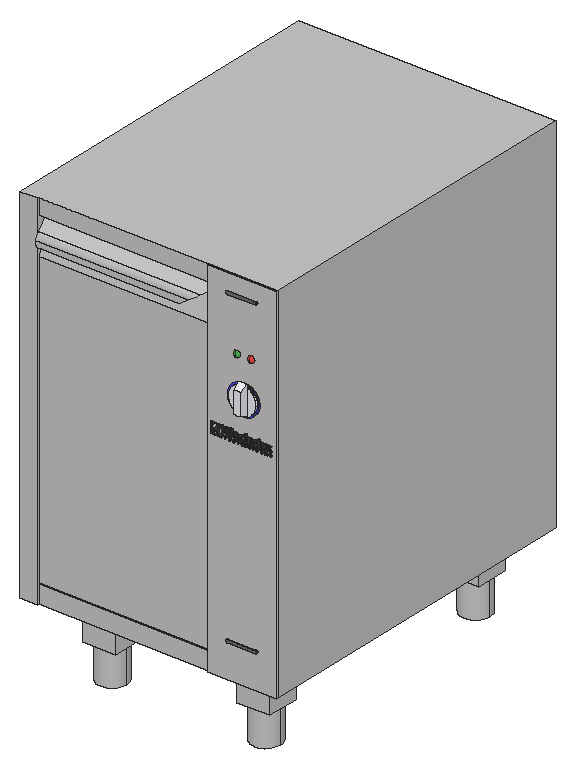
Revit family "QF_ELECTROLUXPROFESSIONAL_121830_TERPE5", category Attrezzature speciali, Revit 2020
Family settings
  Quota connettore circolare = Usa diametro
  Tipo di parte = Normale
  Basato su piano di lavoro = No
  Sempre verticale = Sì
  Taglio con vuoti quando caricato = No
  Condiviso = No
  Punto di calcolo locali = No
Parameters (values of type "Standard")
  Weight = 9.00 kg
  Watts = 1400 W
  Volts = 230 V
  URL Manufacturer = "https://www.electroluxprofessional.com/"
  URL = "https://www.electroluxprofessional.com/"
  Steam Supply Size = 0 mm
  Steam Supply Minimum Pressure = 0.0 Pa
  Steam Supply Maximum Pressure = 0.0 Pa
  Steam Consumption per Hour = 0
  Refrigeration Suction Line Size = 0.0 mm
  Refrigeration Liquid Line Size = 0.0 mm
  Refrigerant Compressor Remote = yes
  Prospetto di default = 0.0 mm
  Phase = 1
  Modello = "TERPE5"
  Produttore = "Electrolux Professional"
  Length Actual = 500.0 mm  # constant formula
  Item Number = "121830"
  Hot Water Size = 0 mm
  Height Actual = 860.0 mm  # constant formula
  HP = "1.9 HP"
  Gas Size = 0 mm
  Gas KW = 0
  Gas Input Pressure = 0 W
  Direct Waste Size = 0 mm
  Descrizione = "HOT CUPBOARD WITH 1 HINGED DOOR 500MM"
  Depth Actual = 680.0 mm  # constant formula
  Cycle = 50 Hz
  Condensate Return Size = 0 mm
  Compressed Air Volume = 0.0 L/s
  Compressed Air Size = 0 mm
  Compressed Air Pressure = 0.0 Pa
  Cold Water Size = 0 mm
  Accessory = yes
Reference planes
  plane 1 "Center (Front/Back)": y = 0
  plane 2: z = 0
  plane 3 "Center (Left/Right)": x = -300
  plane 4 "LEFT": x = -550
  plane 5 "RIGHT": x = -50
  plane 6 "BACK": y = 340
  plane 7 "FRONT": y = -340
  plane 8 "Base": z = 860
  plane 9 "TOP": z = 900
  plane 10: x = -450
  plane 11: x = -150
  plane 12: y = 270
  plane 13: y = -240
  plane 14 "FEET": z = 150
  plane 15: x = 152.5
  plane 16: x = -516
  plane 17: y = -337
  plane 18: y = 310
  plane 19: x = -184
Forms (mm)
  Extrusion 1, solid, material "QF_Finishes_Stainless Steel"
    sketch origin (0, 0, 150) x (-1, 0, 0) y (0, -1, 0)
      loop
        line (550, -340) -> (550, 340) -> (516, 340) -> (516, -340) -> (550, -340)
      loop
        line (184, -340) -> (184, 337) -> (50, 337) -> (50, -340) -> (184, -340)
    from 0 to 710
  Extrusion 2, solid, material "QF_Finishes_Stainless Steel"
    sketch origin (0, 0, 150) x (-1, 0, 0) y (0, -1, 0)
      loop
        line (516, -310) -> (516, 337) -> (184, 337) -> (184, -310) -> (516, -310)
    from 0 to 35
  Extrusion 3, solid, material "QF_Finishes_Stainless Steel"
    sketch origin (0, 0, 0) x (1, 0, 0) y (0, 1, 0)
      loop
        line (-516, -337) -> (-184, -337) -> (-184, 340) -> (-516, 340) -> (-516, -337)
    from 830 to 860
  Extrusion 4, solid, material "QF_Finishes_Stainless Steel"
    sketch origin (0, 0, 150) x (-1, 0, 0) y (0, -1, 0)
      loop
        line (516, -340) -> (516, -310) -> (184, -310) -> (184, -340) -> (516, -340)
    from 680 to 0
Cuts and joins
  joined: Extrusion 1, Extrusion 3, Extrusion 4
Lines and regions (mm)
  symbolic lines, style "SpecialityEquipmentHiddenLines"
    curve 1: line (-50, 340, 900) -> (-550, 340, 900)
    curve 2: line (-50, -340, 900) -> (-50, 340, 900)
    curve 3: line (-550, -344.5, 150) -> (-550, 340, 150)
    curve 4: line (-550, -340, 150) -> (-516, -340, 150)
    curve 5: line (-516, -340, 150) -> (-516, -337, 150)
    curve 6: line (-516, -337, 150) -> (-184, -337, 150)
    curve 7: line (-184, -337, 150) -> (-184, -340, 150)
    curve 8: line (-184, -340, 150) -> (-50, -340, 150)
Dimensions and locks
  plane 4 "LEFT" to plane 5 "RIGHT" = 500.0 mm
  equal spacing: plane 4 "LEFT", plane 3 "Center (Left/Right)", plane 5 "RIGHT"
  plane 6 "BACK" to plane 7 "FRONT" = 680.0 mm
  equal spacing: plane 6 "BACK", plane 1 "Center (Front/Back)", plane 7 "FRONT"
  locked: plane 14 "FEET" to level at 150
  locked: plane 4 "LEFT" to plane 10 at 100
  locked: plane 11 to plane 5 "RIGHT" at 100
  locked: plane 4 "LEFT" to plane 16 at 34
  plane 17 to plane 7 "FRONT" = 3.0 mm
  plane 6 "BACK" to plane 18 = 30.0 mm
  locked: plane 6 "BACK" to plane 12 at 70
  locked: plane 13 to plane 7 "FRONT" at 100
  locked: plane 8 "Base" to level at 860
  locked: plane 9 "TOP" to level at 900
  plane 19 to plane 5 "RIGHT" = 134.0 mm
  aligned and locked: level to plane 2
  aligned and locked: plane 10 to nested 1
  aligned and locked: plane 11 to nested 2
  aligned and locked: nested 4 to plane 12
  aligned and locked: plane 10 to nested 3
  aligned and locked: nested 3 to plane 12
  aligned and locked: plane 8 "Base" to Extrusion 1
  aligned and locked: plane 6 "BACK" to Extrusion 1 sketch curve
  aligned and locked: Extrusion 1 sketch curve to plane 6 "BACK"
  aligned and locked: Extrusion 1 sketch curve to plane 7 "FRONT"
  aligned and locked: plane 16 to Extrusion 1
  aligned and locked: Extrusion 2 to plane 16
  aligned and locked: plane 8 "Base" to Extrusion 3
  aligned and locked: Extrusion 2 to plane 17
  aligned and locked: Extrusion 2 to plane 18
  aligned and locked: Extrusion 3 to plane 17
  aligned and locked: plane 16 to Extrusion 4 sketch curve
  aligned and locked: Extrusion 4 sketch curve to plane 6 "BACK"
  aligned and locked: Extrusion 4 sketch curve to plane 18
  aligned and locked: Extrusion 4 to Extrusion 3
  aligned and locked: Extrusion 4 to plane 14 "FEET"
  aligned and locked: plane 6 "BACK" to Extrusion 3
  aligned and locked: nested 1 to plane 13
  aligned and locked: nested 2 to plane 13
  aligned and locked: plane 19 to Extrusion 3
  aligned and locked: Extrusion 2 sketch curve to plane 19
Automatic sketch dimensions
  curve 2 to plane 5 "RIGHT" = 0.0 mm
  curve 2 to plane 7 "FRONT" = 0.0 mm
  curve 1 to plane 4 "LEFT" = 0.0 mm
  curve 1 to plane 6 "BACK" = 0.0 mm
  Extrusion 2 sketch curve to plane 16 = 0.0 mm
  plane 18 to Extrusion 2 sketch curve = 0.0 mm
  Extrusion 2 sketch curve to plane 17 = 0.0 mm
  curve 8 to plane 5 "RIGHT" = 0.0 mm
  curve 8 to plane 7 "FRONT" = 0.0 mm
  curve 6 to plane 16 = 0.0 mm
  curve 3 to plane 4 "LEFT" = 0.0 mm
  curve 3 to plane 6 "BACK" = 0.0 mm
  curve 6 to plane 17 = 0.0 mm
  curve 4 to plane 7 "FRONT" = 0.0 mm
  curve 4 to curve 3 = 4.5 mm
  Extrusion 3 sketch curve to plane 16 = 0.0 mm
  Extrusion 3 sketch curve to plane 17 = 0.0 mm
  Extrusion 3 sketch curve to plane 18 = 30.0 mm
  curve 8 to curve 8 = 134.0 mm
  Extrusion 3 sketch curve to plane 5 "RIGHT" = 134.0 mm
  Extrusion 4 sketch curve to plane 5 "RIGHT" = 134.0 mm
  Extrusion 1 sketch curve to plane 5 "RIGHT" = 0.0 mm
  Extrusion 1 sketch curve to plane 17 = 0.0 mm
  Extrusion 1 sketch curve to plane 16 = 0.0 mm
  Extrusion 1 sketch curve to plane 4 "LEFT" = 0.0 mm
  Extrusion 1 sketch curve to Extrusion 1 sketch curve = 134.0 mm
Nested families
  nested 1: "FEET_L63-150" at (-450, -240, 0), type "FEET_L63-150"
  nested 2: "FEET_L63-150" at (-150, -240, 0), type "FEET_L63-150"
  nested 3: "FEET_L63-150" at (-450, 270, 0), type "FEET_L63-150"
  nested 4: "FEET_L63-150" at (-150, 270, 0), type "FEET_L63-150"
  nested 5: "PANEL_ELX_HOTCUP_134" at (-153.042, -337, 150) x (1, 0, 0) z (0, -1, 0), type "PANEL_ELX_HOTCUP_134"
    with Width 134.0 mm, Show Clearance yes
  nested 6: "H637_400_1DOOR" at (-386.042, -297, 150) x (1, 0, 0) z (0, -1, 0), type "H637_400_1DOOR"
    with Width 400.0 mm, Show Clearance yes
Definition of nested family "FEET_L63-150"
  Parameters
    Default Elevation = 0.0 mm
    FEET = 150.0 mm
  Reference planes
    plane 1 "Center (Front/Back)": y = 0
    plane 2: z = 0
    plane 3 "Center (Left/Right)": x = 0
    plane 4: z = 150
  Forms (mm)
    Extrusion 1, solid
      sketch origin (0, 0, 0) x (1, 0, 0) y (0, 1, 0)
        loop
          circle (0, 0) r 28
      from 0 to 67
    Extrusion 2, solid
      sketch origin (0, 0, 0) x (1, 0, 0) y (0, 1, 0)
        loop
          line (31.561, 31.5) -> (-31.439, 31.5) -> (-31.439, -31.5) -> (31.561, -31.5) -> (31.561, 31.5)
      from 67 to 150 <- "FEET"
  Lines and regions (mm)
    symbolic lines
      curve 1: line (0, -1.503, 0) -> (0, 1.508, 0)
      curve 2: line (1.561, 0, 0) -> (-1.439, 0, 0)
  Dimensions and locks
    "FEET": plane 4 to plane 2
    aligned and locked: level to plane 2
  Automatic sketch dimensions
    plane 1 "Center (Front/Back)" to Extrusion 1 sketch curve = 0.0 mm
    Extrusion 1 sketch curve to plane 3 "Center (Left/Right)" = 0.0 mm
    plane 1 "Center (Front/Back)" to curve 2 = 0.0 mm
    curve 1 to plane 3 "Center (Left/Right)" = 0.0 mm
    curve 2 to plane 3 "Center (Left/Right)" = 1.439 mm
    plane 3 "Center (Left/Right)" to curve 2 = 1.561 mm
    plane 1 "Center (Front/Back)" to curve 1 = 1.503 mm
    curve 1 to plane 1 "Center (Front/Back)" = 1.508 mm
    Extrusion 2 sketch curve to plane 1 "Center (Front/Back)" = 31.5 mm
    Extrusion 2 sketch curve to plane 3 "Center (Left/Right)" = 31.439 mm
    plane 3 "Center (Left/Right)" to Extrusion 2 sketch curve = 31.561 mm
    plane 1 "Center (Front/Back)" to Extrusion 2 sketch curve = 31.5 mm
    radius of Extrusion 1 sketch curve = 28.0 mm
Definition of nested family "PANEL_ELX_HOTCUP_134"
  Parameters
    Width [instance] = 134.0 mm
    Show Clearance [instance] = yes
    Model = "727995"
    Height = 710.0 mm
    Default Elevation = 0.0 mm
  Reference planes
    plane 1 "Center (Front/Back)": y = 0
    plane 2: z = 0
    plane 3 "Center (Left/Right)": x = 36.042
    plane 4 "panel": z = 3
    plane 5 "Left": x = -30.958
    plane 6 "Right": x = 103.042
    plane 7: y = 710
    plane 8 "L1": x = 26.042
    plane 9 "L2": x = 54.042
    plane 10: y = 575
  Forms (mm)
    Extrusion 1, solid
      sketch origin (0, -919.2, 0) x (1, 0, 0) y (0, 1, 0)
        loop
          line (-980.5, 2119.2) -> (-980.5, -162.846) -> (881.94, -162.846) -> (881.94, 2119.2) -> (-980.5, 2119.2)
      from 0 to -59.546
    Extrusion 2, solid
      sketch origin (36.042, -190, 0) x (0, 1, 0) y (0, 0, 1)
        loop
          line (190, 3) -> (190, 0) -> (900, 0) -> (900, 3) -> (190, 3)
      from 67 to -67
    Extrusion 3, solid
      sketch origin (0, 0, 0) x (1, 0, 0) y (0, 1, 0)
        loop
          line (9.042, 673.5) -> (63.042, 673.5)
          arc (63.042, 673.5) -> (66.042, 676.5) -> (63.042, 679.5) r 3
          line (63.042, 679.5) -> (9.042, 679.5)
          arc (9.042, 679.5) -> (6.042, 676.5) -> (9.042, 673.5) r 3
        loop
          line (9.042, 65) -> (63.042, 65)
          arc (63.042, 65) -> (66.042, 68) -> (63.042, 71) r 3
          line (63.042, 71) -> (9.042, 71)
          arc (9.042, 71) -> (6.042, 68) -> (9.042, 65) r 3
      from 3 to 4.6
    Extrusion 4, solid
      sketch origin (0, 0, 0) x (1, 0, 0) y (0, 1, 0)
        loop
          circle (40.042, 500) r 30
      from 0 to 5
    Extrusion 5, solid
      sketch origin (0, 0, 0) x (1, 0, 0) y (0, 1, 0)
        loop
          circle (40.042, 500) r 26.788
      from 7 to 5
    Blend 6, solid
      base sketch origin (0, 0, 0) x (1, 0, 0) y (0, 1, 0)
        loop
          arc (48.106, 530.45) -> (40.022, 531.5) -> (31.94, 530.44) r 31.5
          line (31.94, 530.44) -> (31.94, 474.458)
          arc (31.94, 474.458) -> (40.023, 473.209) -> (48.106, 474.454) r 26.815
          line (48.106, 474.454) -> (48.106, 530.45)
      top sketch origin (0, 0, 0) x (1, 0, 0) y (0, 1, 0)
        loop
          arc (47.007, 520.889) -> (40.042, 522.019) -> (33.077, 520.889) r 22.019
          line (33.077, 520.889) -> (33.077, 480.699)
          arc (33.077, 480.699) -> (40.042, 479.481) -> (47.007, 480.699) r 20.519
          line (47.007, 480.699) -> (47.007, 520.889)
      from 7 to 20
    Revolve 7, solid
      sketch origin (26.042, 0, 0) x (0, 1, 0) y (0, 0, 1)
        loop
          line (575, 3) -> (581, 3)
          arc (581, 3) -> (578.606, 5.908) -> (575, 7) r 6.5
          line (575, 7) -> (575, 3)
        axis (575, 7) -> (575, 3)
      angle from 0 to 360
    Revolve 8, solid
      sketch origin (54.042, 0, 0) x (0, 1, 0) y (0, 0, 1)
        loop
          line (575, 3) -> (581, 3)
          arc (581, 3) -> (578.606, 5.908) -> (575, 7) r 6.5
          line (575, 7) -> (575, 3)
        axis (575, 7) -> (575, 3)
      angle from 0 to 360
  Dimensions and locks
    plane 4 "panel" to level = 3.0 mm
    "Width": plane 5 "Left" to plane 6 "Right"
    equal spacing: plane 5 "Left", plane 3 "Center (Left/Right)", plane 6 "Right"
    "Height": plane 1 "Center (Front/Back)" to plane 7
    aligned and locked: plane 2 to Extrusion 1
    aligned and locked: level to Extrusion 1
    aligned and locked: plane 7 to Extrusion 2
    aligned and locked: plane 6 "Right" to Extrusion 2
    aligned and locked: Extrusion 2 to plane 5 "Left"
    aligned and locked: plane 1 "Center (Front/Back)" to Extrusion 2
  Automatic sketch dimensions
    Extrusion 1 sketch curve to Extrusion 1 sketch curve = 1862.44 mm
    Extrusion 1 sketch curve to Extrusion 1 sketch curve = 2282.046 mm
    Extrusion 2 sketch curve to plane 1 "Center (Front/Back)" = 0.0 mm
    Extrusion 2 sketch curve to level = 0.0 mm
    Extrusion 2 sketch curve to plane 7 = 0.0 mm
    Extrusion 2 sketch curve to plane 4 "panel" = 0.0 mm
    Extrusion 3 sketch curve to plane 8 "L1" = 17.0 mm  (x2)
    plane 9 "L2" to Extrusion 3 sketch curve = 9.0 mm  (x2)
    Extrusion 3 sketch curve to plane 1 "Center (Front/Back)" = 65.0 mm
    Extrusion 3 sketch curve to Extrusion 3 sketch curve = 3.0 mm  (x2)
    Extrusion 3 sketch curve to plane 7 = 36.5 mm
    plane 3 "Center (Left/Right)" to Extrusion 4 sketch curve = 4.0 mm
    Extrusion 4 sketch curve to plane 10 = 75.0 mm
    plane 3 "Center (Left/Right)" to Extrusion 5 sketch curve = 4.0 mm
    Extrusion 5 sketch curve to plane 10 = 75.0 mm
    Blend 6 sketch curve to plane 3 "Center (Left/Right)" = 4.102 mm
    plane 3 "Center (Left/Right)" to Blend 6 sketch curve = 3.988 mm
    Blend 6 sketch curve to Blend 6 sketch curve = 0.012 mm
    Blend 6 sketch curve to plane 9 "L2" = 5.936 mm
    Blend 6 sketch curve to plane 10 = 100.546 mm
    Blend 6 sketch curve to Blend 6 sketch curve = 0.004 mm
    Blend 6 sketch curve to Blend 6 sketch curve = 0.024 mm
    Blend 6 sketch curve to Blend 6 sketch curve = 30.416 mm
    Blend 6 sketch curve to Blend 6 sketch curve = 0.0 mm  (x2)
    Blend 6 sketch curve to plane 3 "Center (Left/Right)" = 2.965 mm
    plane 3 "Center (Left/Right)" to Blend 6 sketch curve = 4.0 mm
    Blend 6 sketch curve to plane 9 "L2" = 7.035 mm
    Blend 6 sketch curve to plane 10 = 94.301 mm
    Blend 6 sketch curve to Blend 6 sketch curve = 19.301 mm
    Blend 6 sketch curve to Blend 6 sketch curve = 20.889 mm
    Revolve 7 sketch curve to plane 4 "panel" = 0.0 mm
    Revolve 7 sketch curve to plane 10 = 0.0 mm  (x2)
    plane 10 to Revolve 7 sketch curve = 6.0 mm
    level to Revolve 7 sketch curve = 0.5 mm
    Revolve 7 sketch curve to Revolve 7 sketch curve = 0.57 mm
    Revolve 7 sketch curve to Revolve 7 sketch curve = 2.941 mm
    Revolve 8 sketch curve to plane 4 "panel" = 0.0 mm
    Revolve 8 sketch curve to plane 10 = 0.0 mm  (x2)
    plane 10 to Revolve 8 sketch curve = 6.0 mm
    level to Revolve 8 sketch curve = 0.5 mm
    Revolve 8 sketch curve to Revolve 8 sketch curve = 0.57 mm
    Revolve 8 sketch curve to Revolve 8 sketch curve = 2.941 mm
    radius of Extrusion 4 sketch curve = 30.0 mm
    radius of Extrusion 5 sketch curve = 26.788 mm
  Nested families
    nested 1: "ELX_Professional_Logo_Small" at (36.042, 430.35, 3), type "ELX_Professional_Logo_Small"
      with Show Logo yes, Material_Logo none
  Definition of nested family "ELX_Professional_Logo_Small"
    Parameters
      Show Logo [instance] = yes
      Material_Logo [instance] = none
      Default Elevation = 0.0 mm
    Reference planes
      plane 1 "Centro (Fronte/Retro)": y = 0
      plane 2: z = 0
      plane 3 "Centro (Sinistra/Destra)": x = 0
    Forms (mm)
      Extrusion 1, solid
        sketch origin (0, 0, 0) x (1, 0, 0) y (0, 1, 0)
          loop
            line (-1219.2, 1219.2) -> (-1219.2, -1219.2) -> (1219.2, -1219.2) -> (1219.2, 1219.2) -> (-1219.2, 1219.2)
        from 0 to -304.8
      Extrusion 2, solid, material <- "Material_Logo"
        sketch origin (15.5, 0, 0) x (1, 0, 0) y (0, 1, 0)
          loop
            spline (-42.99, -1.24) -> (-43.195, -1.231) -> (-43.415, -1.203) -> (-43.642, -1.152) -> (-43.87, -1.074) -> (-44.095, -0.966) -> (-44.309, -0.825) -> (-44.506, -0.647) -> (-44.681, -0.429) -> (-44.828, -0.167) -> (-44.94, 0.142) -> (-45.011, 0.501) -> (-45.037, 0.915)
            line (-45.037, 0.915) -> (-45.037, 2.748) -> (-38.984, 2.748) -> (-38.984, 5.086) -> (-45.038, 5.086) -> (-45.038, 8.489) -> (-38.599, 8.489) -> (-38.599, 10.82) -> (-47.515, 10.82) -> (-47.515, 1.021)
            spline (-47.515, 1.021) -> (-47.493, 0.418) -> (-47.425, -0.15) -> (-47.311, -0.682) -> (-47.15, -1.175) -> (-46.939, -1.628) -> (-46.678, -2.038) -> (-46.365, -2.404) -> (-46, -2.723) -> (-45.58, -2.995) -> (-45.105, -3.216) -> (-44.573, -3.385) -> (-43.983, -3.499)
            line (-43.983, -3.499) -> (-43.01, -3.569) -> (-38.426, -3.569) -> (-38.426, -1.24) -> (-42.99, -1.24)
          loop
            line (-36.666, 4.021) -> (-36.666, -3.573) -> (-34.188, -3.573) -> (-34.188, 10.824) -> (-36.666, 10.824) -> (-36.666, 4.021)
          loop
            spline (-21.915, 1.897) -> (-21.957, 2.615) -> (-22.082, 3.303) -> (-22.285, 3.955) -> (-22.563, 4.564) -> (-22.913, 5.124) -> (-23.331, 5.629) -> (-23.814, 6.074) -> (-24.359, 6.451) -> (-24.961, 6.755) -> (-25.618, 6.98) -> (-26.326, 7.119) -> (-27.081, 7.167)
            spline (-27.081, 7.167) -> (-27.853, 7.122) -> (-28.586, 6.99) -> (-29.275, 6.774) -> (-29.915, 6.478) -> (-30.5, 6.104) -> (-31.024, 5.657) -> (-31.483, 5.138) -> (-31.871, 4.553) -> (-32.182, 3.904) -> (-32.411, 3.194) -> (-32.552, 2.427) -> (-32.6, 1.606)
            spline (-32.6, 1.606) -> (-32.553, 0.805) -> (-32.416, 0.057) -> (-32.193, -0.637) -> (-31.887, -1.271) -> (-31.504, -1.843) -> (-31.048, -2.35) -> (-30.523, -2.788) -> (-29.934, -3.154) -> (-29.284, -3.444) -> (-28.579, -3.656) -> (-27.822, -3.785) -> (-27.019, -3.829)
            spline (-27.019, -3.829) -> (-26.627, -3.82) -> (-26.239, -3.79) -> (-25.856, -3.739) -> (-25.477, -3.663) -> (-25.103, -3.562) -> (-24.734, -3.432) -> (-24.369, -3.273) -> (-24.01, -3.082) -> (-23.655, -2.858) -> (-23.305, -2.597) -> (-22.96, -2.299) -> (-22.621, -1.962)
            line (-22.621, -1.962) -> (-24.114, -0.509)
            spline (-24.114, -0.509) -> (-24.311, -0.699) -> (-24.509, -0.872) -> (-24.71, -1.03) -> (-24.915, -1.172) -> (-25.126, -1.297) -> (-25.346, -1.407) -> (-25.576, -1.5) -> (-25.817, -1.576) -> (-26.072, -1.636) -> (-26.342, -1.678) -> (-26.629, -1.704) -> (-26.936, -1.713)
            spline (-26.936, -1.713) -> (-27.384, -1.691) -> (-27.805, -1.625) -> (-28.196, -1.518) -> (-28.556, -1.372) -> (-28.882, -1.187) -> (-29.174, -0.966) -> (-29.429, -0.71) -> (-29.645, -0.422) -> (-29.821, -0.102) -> (-29.955, 0.247) -> (-30.045, 0.623) -> (-30.089, 1.026)
            line (-30.089, 1.026) -> (-21.956, 1.026) -> (-21.915, 1.897)
          loop
            spline (-24.446, 2.769) -> (-24.47, 3.075) -> (-24.54, 3.37) -> (-24.654, 3.65) -> (-24.807, 3.913) -> (-24.996, 4.156) -> (-25.219, 4.376) -> (-25.472, 4.57) -> (-25.753, 4.736) -> (-26.057, 4.869) -> (-26.382, 4.968) -> (-26.724, 5.03) -> (-27.081, 5.051)
            spline (-27.081, 5.051) -> (-27.464, 5.03) -> (-27.832, 4.97) -> (-28.183, 4.872) -> (-28.513, 4.74) -> (-28.819, 4.577) -> (-29.099, 4.384) -> (-29.347, 4.165) -> (-29.563, 3.923) -> (-29.742, 3.659) -> (-29.881, 3.377) -> (-29.977, 3.079) -> (-30.027, 2.769)
            line (-30.027, 2.769) -> (-24.446, 2.769)
          loop
            spline (-18.167, 1.669) -> (-18.138, 2.13) -> (-18.055, 2.567) -> (-17.921, 2.978) -> (-17.739, 3.358) -> (-17.512, 3.705) -> (-17.243, 4.016) -> (-16.937, 4.287) -> (-16.596, 4.517) -> (-16.223, 4.7) -> (-15.823, 4.835) -> (-15.398, 4.919) -> (-14.951, 4.947)
            spline (-14.951, 4.947) -> (-14.677, 4.938) -> (-14.414, 4.913) -> (-14.162, 4.871) -> (-13.921, 4.812) -> (-13.69, 4.738) -> (-13.467, 4.649) -> (-13.254, 4.544) -> (-13.048, 4.424) -> (-12.85, 4.291) -> (-12.659, 4.143) -> (-12.474, 3.981) -> (-12.295, 3.806)
            line (-12.295, 3.806) -> (-10.76, 5.403)
            spline (-10.76, 5.403) -> (-11.065, 5.709) -> (-11.38, 5.984) -> (-11.703, 6.228) -> (-12.035, 6.443) -> (-12.375, 6.63) -> (-12.723, 6.788) -> (-13.078, 6.92) -> (-13.44, 7.026) -> (-13.809, 7.107) -> (-14.184, 7.164) -> (-14.564, 7.198) -> (-14.951, 7.209)
            spline (-14.951, 7.209) -> (-15.725, 7.161) -> (-16.467, 7.02) -> (-17.169, 6.792) -> (-17.826, 6.482) -> (-18.43, 6.096) -> (-18.976, 5.637) -> (-19.455, 5.112) -> (-19.862, 4.525) -> (-20.19, 3.882) -> (-20.433, 3.189) -> (-20.584, 2.449) -> (-20.635, 1.669)
            spline (-20.635, 1.669) -> (-20.584, 0.889) -> (-20.433, 0.149) -> (-20.19, -0.545) -> (-19.862, -1.187) -> (-19.455, -1.774) -> (-18.976, -2.299) -> (-18.43, -2.758) -> (-17.826, -3.145) -> (-17.169, -3.454) -> (-16.467, -3.682) -> (-15.725, -3.823) -> (-14.951, -3.871)
            spline (-14.951, -3.871) -> (-14.564, -3.86) -> (-14.184, -3.826) -> (-13.809, -3.77) -> (-13.44, -3.689) -> (-13.078, -3.583) -> (-12.723, -3.451) -> (-12.375, -3.292) -> (-12.035, -3.105) -> (-11.703, -2.89) -> (-11.38, -2.646) -> (-11.065, -2.371) -> (-10.76, -2.066)
            line (-10.76, -2.066) -> (-12.295, -0.468)
            spline (-12.295, -0.468) -> (-12.474, -0.643) -> (-12.659, -0.805) -> (-12.85, -0.953) -> (-13.048, -1.087) -> (-13.254, -1.206) -> (-13.467, -1.311) -> (-13.69, -1.4) -> (-13.921, -1.475) -> (-14.162, -1.533) -> (-14.414, -1.575) -> (-14.677, -1.6) -> (-14.951, -1.609)
            spline (-14.951, -1.609) -> (-15.398, -1.581) -> (-15.823, -1.497) -> (-16.223, -1.362) -> (-16.596, -1.179) -> (-16.937, -0.95) -> (-17.243, -0.678) -> (-17.512, -0.367) -> (-17.739, -0.02) -> (-17.921, 0.36) -> (-18.055, 0.771) -> (-18.138, 1.208) -> (-18.167, 1.669)
          loop
            spline (-4.441, -1.243) -> (-4.659, -1.247) -> (-4.894, -1.23) -> (-5.137, -1.19) -> (-5.384, -1.121) -> (-5.628, -1.021) -> (-5.864, -0.884) -> (-6.084, -0.708) -> (-6.283, -0.488) -> (-6.454, -0.219) -> (-6.592, 0.101) -> (-6.69, 0.478) -> (-6.742, 0.914)
            line (-6.742, 0.914) -> (-6.742, 4.587) -> (-4.487, 4.587) -> (-4.487, 6.838) -> (-6.738, 6.838) -> (-6.738, 10.824) -> (-9.217, 10.824) -> (-9.217, 0.773)
            spline (-9.217, 0.773) -> (-9.164, 0.19) -> (-9.068, -0.358) -> (-8.928, -0.87) -> (-8.742, -1.343) -> (-8.511, -1.777) -> (-8.232, -2.168) -> (-7.904, -2.515) -> (-7.527, -2.816) -> (-7.098, -3.069) -> (-6.618, -3.273) -> (-6.084, -3.426) -> (-5.496, -3.525)
            line (-5.496, -3.525) -> (-4.45, -3.573) -> (-4.441, -1.243)
          loop
            spline (3.898, 6.983) -> (3.469, 7.009) -> (3.056, 7.001) -> (2.661, 6.961) -> (2.283, 6.888) -> (1.925, 6.785) -> (1.588, 6.652) -> (1.272, 6.49) -> (0.979, 6.301) -> (0.71, 6.085) -> (0.465, 5.844) -> (0.247, 5.578) -> (0.056, 5.289)
            line (0.056, 5.289) -> (0.056, 6.838) -> (-2.402, 6.838) -> (-2.402, -3.572) -> (0.056, -3.572) -> (0.056, 1.901)
            spline (0.056, 1.901) -> (0.079, 2.316) -> (0.145, 2.703) -> (0.254, 3.06) -> (0.404, 3.386) -> (0.592, 3.679) -> (0.818, 3.938) -> (1.08, 4.162) -> (1.375, 4.348) -> (1.703, 4.495) -> (2.062, 4.602) -> (2.45, 4.668) -> (2.865, 4.69)
            line (2.865, 4.69) -> (3.898, 4.586) -> (3.898, 6.983)
          loop
            spline (15.638, 1.633) -> (15.586, 2.396) -> (15.435, 3.124) -> (15.192, 3.81) -> (14.863, 4.449) -> (14.455, 5.034) -> (13.975, 5.56) -> (13.43, 6.021) -> (12.826, 6.411) -> (12.17, 6.724) -> (11.469, 6.955) -> (10.729, 7.098) -> (9.958, 7.147)
            spline (9.958, 7.147) -> (9.182, 7.098) -> (8.44, 6.955) -> (7.737, 6.724) -> (7.081, 6.411) -> (6.477, 6.021) -> (5.933, 5.56) -> (5.454, 5.034) -> (5.048, 4.449) -> (4.721, 3.81) -> (4.479, 3.124) -> (4.329, 2.396) -> (4.277, 1.633)
            spline (4.277, 1.633) -> (4.329, 0.869) -> (4.479, 0.141) -> (4.721, -0.544) -> (5.048, -1.183) -> (5.454, -1.768) -> (5.933, -2.294) -> (6.477, -2.755) -> (7.081, -3.145) -> (7.737, -3.459) -> (8.44, -3.69) -> (9.182, -3.833) -> (9.958, -3.882)
            spline (9.958, -3.882) -> (10.729, -3.833) -> (11.469, -3.69) -> (12.17, -3.459) -> (12.826, -3.145) -> (13.43, -2.755) -> (13.975, -2.294) -> (14.455, -1.768) -> (14.863, -1.183) -> (15.192, -0.544) -> (15.435, 0.141) -> (15.586, 0.869) -> (15.638, 1.633)
          loop
            spline (13.18, 1.633) -> (13.151, 2.083) -> (13.067, 2.513) -> (12.932, 2.918) -> (12.748, 3.296) -> (12.52, 3.642) -> (12.251, 3.954) -> (11.943, 4.227) -> (11.601, 4.459) -> (11.228, 4.645) -> (10.828, 4.782) -> (10.403, 4.867) -> (9.958, 4.896)
            spline (9.958, 4.896) -> (9.509, 4.867) -> (9.081, 4.782) -> (8.679, 4.645) -> (8.306, 4.459) -> (7.964, 4.227) -> (7.658, 3.954) -> (7.39, 3.642) -> (7.163, 3.296) -> (6.981, 2.918) -> (6.847, 2.513) -> (6.765, 2.083) -> (6.736, 1.633)
            spline (6.736, 1.633) -> (6.765, 1.182) -> (6.847, 0.753) -> (6.981, 0.347) -> (7.163, -0.031) -> (7.39, -0.377) -> (7.658, -0.689) -> (7.964, -0.962) -> (8.306, -1.193) -> (8.679, -1.38) -> (9.081, -1.517) -> (9.509, -1.602) -> (9.958, -1.631)
            spline (9.958, -1.631) -> (10.403, -1.602) -> (10.828, -1.517) -> (11.228, -1.38) -> (11.601, -1.193) -> (11.943, -0.962) -> (12.251, -0.689) -> (12.52, -0.377) -> (12.748, -0.031) -> (12.932, 0.347) -> (13.067, 0.753) -> (13.151, 1.182) -> (13.18, 1.633)
          loop
            line (17.162, 4.269) -> (17.162, -3.573) -> (19.642, -3.573) -> (19.642, 10.824) -> (17.162, 10.824) -> (17.162, 4.269)
          loop
            line (28.581, 6.838) -> (28.581, 0.786)
            spline (28.581, 0.786) -> (28.561, 0.393) -> (28.503, 0.038) -> (28.409, -0.279) -> (28.281, -0.559) -> (28.122, -0.802) -> (27.933, -1.011) -> (27.717, -1.185) -> (27.476, -1.325) -> (27.213, -1.433) -> (26.929, -1.509) -> (26.626, -1.554) -> (26.308, -1.569)
            spline (26.308, -1.569) -> (25.99, -1.554) -> (25.688, -1.509) -> (25.404, -1.434) -> (25.141, -1.326) -> (24.9, -1.187) -> (24.684, -1.014) -> (24.496, -0.807) -> (24.336, -0.565) -> (24.209, -0.288) -> (24.115, 0.026) -> (24.057, 0.376) -> (24.037, 0.765)
            line (24.037, 0.765) -> (24.037, 6.838) -> (21.537, 6.838) -> (21.537, 0.558)
            spline (21.537, 0.558) -> (21.581, -0.153) -> (21.71, -0.8) -> (21.916, -1.384) -> (22.195, -1.904) -> (22.54, -2.362) -> (22.944, -2.757) -> (23.403, -3.09) -> (23.909, -3.362) -> (24.456, -3.572) -> (25.04, -3.722) -> (25.652, -3.811) -> (26.288, -3.841)
            spline (26.288, -3.841) -> (26.929, -3.811) -> (27.547, -3.72) -> (28.135, -3.568) -> (28.687, -3.355) -> (29.197, -3.079) -> (29.66, -2.741) -> (30.068, -2.341) -> (30.415, -1.877) -> (30.696, -1.349) -> (30.905, -0.757) -> (31.034, -0.101) -> (31.079, 0.621)
            line (31.079, 0.621) -> (31.079, 6.838) -> (28.581, 6.838)
          loop
            line (40.457, -0.243) -> (38.894, 1.942) -> (40.83, 4.579) -> (42.488, 6.837) -> (39.782, 6.837) -> (37.53, 3.719) -> (35.258, 6.837) -> (32.573, 6.837) -> (34.113, 4.731) -> (36.167, 1.922) -> (34.014, -1.076) -> (32.222, -3.573) -> (34.887, -3.573) -> (37.53, 0.104) -> (40.174, -3.573) -> (42.839, -3.573) -> (40.457, -0.243)
          loop
            line (-46.121, -5.837) -> (-48.039, -5.837) -> (-48.039, -10.814) -> (-47.016, -10.814) -> (-47.016, -9.128) -> (-46.121, -9.128)
            arc (-46.121, -9.128) -> (-44.476, -7.482) -> (-46.121, -5.837) r 1.645
          loop
            line (-46.163, -6.778) -> (-47.016, -6.778) -> (-47.016, -8.187) -> (-46.163, -8.187)
            arc (-46.163, -8.187) -> (-45.458, -7.482) -> (-46.163, -6.778) r 0.704
          loop
            line (-38.313, -5.837) -> (-40.265, -5.837) -> (-40.265, -10.814) -> (-39.241, -10.814) -> (-39.241, -9.1) -> (-38.46, -9.182) -> (-37.48, -10.814) -> (-36.318, -10.814) -> (-37.513, -8.848)
            arc (-37.513, -8.848) -> (-36.888, -8.266) -> (-36.671, -7.441) r 1.536
            arc (-36.671, -7.441) -> (-37.165, -6.305) -> (-38.313, -5.837) r 1.643
          loop
            arc (-38.402, -8.166) -> (-37.707, -7.505) -> (-38.334, -6.778) r 0.696
            line (-38.334, -6.778) -> (-39.241, -6.778) -> (-39.241, -8.166) -> (-38.402, -8.166)
          loop
            circle (-29.965, -8.325) r 2.585
          loop
            circle (-29.965, -8.325) r 1.64
          loop
            line (-23.1, -5.837) -> (-23.1, -10.814) -> (-22.076, -10.814) -> (-22.076, -8.768) -> (-20.204, -8.768) -> (-20.204, -7.828) -> (-22.076, -7.828) -> (-22.076, -6.778) -> (-20.024, -6.778) -> (-20.024, -5.837) -> (-23.1, -5.837)
          loop
            line (-15.802, -5.837) -> (-15.802, -9.2)
            arc (-15.802, -9.2) -> (-15.343, -10.34) -> (-14.209, -10.814) r 1.593
            line (-14.209, -10.814) -> (-12.602, -10.814) -> (-12.602, -10.027) -> (-14.004, -10.027)
            arc (-14.004, -10.027) -> (-14.552, -9.8) -> (-14.779, -9.252) r 0.775
            line (-14.779, -9.252) -> (-14.779, -8.424) -> (-12.789, -8.424) -> (-12.789, -7.642) -> (-14.779, -7.642) -> (-14.779, -6.778) -> (-12.651, -6.778) -> (-12.651, -5.837) -> (-15.802, -5.837)
          loop
            line (-5.909, -7.143) -> (-5.173, -6.638)
            arc (-5.173, -6.638) -> (-5.855, -5.974) -> (-6.781, -5.755) r 1.782
            arc (-6.781, -5.755) -> (-7.397, -5.878) -> (-7.944, -6.189) r 1.974
            arc (-7.944, -6.189) -> (-8.202, -6.5) -> (-8.317, -6.888) r 1.013
            arc (-8.317, -6.888) -> (-8.306, -7.341) -> (-8.192, -7.78) r 1.985
            arc (-8.192, -7.78) -> (-7.749, -8.259) -> (-7.171, -8.563) r 1.928
            arc (-7.171, -8.563) -> (-6.637, -8.779) -> (-6.131, -9.056) r 5.041
            arc (-6.131, -9.056) -> (-5.934, -9.387) -> (-6.09, -9.74) r 0.42
            arc (-6.09, -9.74) -> (-6.631, -9.96) -> (-7.204, -9.845) r 1.016
            arc (-7.204, -9.845) -> (-7.625, -9.603) -> (-7.889, -9.196) r 1.033
            line (-7.889, -9.196) -> (-8.67, -9.686)
            arc (-8.67, -9.686) -> (-8.361, -10.198) -> (-7.908, -10.589) r 1.914
            arc (-7.908, -10.589) -> (-7.334, -10.834) -> (-6.714, -10.896) r 2.063
            arc (-6.714, -10.896) -> (-5.947, -10.743) -> (-5.256, -10.376) r 2.696
            arc (-5.256, -10.376) -> (-4.95, -9.565) -> (-5.108, -8.712) r 1.618
            arc (-5.108, -8.712) -> (-5.448, -8.319) -> (-5.884, -8.035) r 1.876
            arc (-5.884, -8.035) -> (-6.434, -7.789) -> (-6.999, -7.577) r 9.883
            arc (-6.999, -7.577) -> (-7.325, -7.07) -> (-6.854, -6.694) r 0.45
            arc (-6.854, -6.694) -> (-6.329, -6.809) -> (-5.909, -7.143) r 1.197
          loop
            line (1.61, -7.143) -> (2.345, -6.638)
            arc (2.345, -6.638) -> (1.663, -5.974) -> (0.737, -5.755) r 1.782
            arc (0.737, -5.755) -> (0.121, -5.878) -> (-0.425, -6.189) r 1.974
            arc (-0.425, -6.189) -> (-0.683, -6.5) -> (-0.799, -6.888) r 1.013
            arc (-0.799, -6.888) -> (-0.788, -7.341) -> (-0.674, -7.78) r 1.985
            arc (-0.674, -7.78) -> (-0.231, -8.259) -> (0.347, -8.563) r 1.928
            arc (0.347, -8.563) -> (0.881, -8.779) -> (1.387, -9.056) r 5.041
            arc (1.387, -9.056) -> (1.584, -9.387) -> (1.428, -9.74) r 0.42
            arc (1.428, -9.74) -> (0.887, -9.96) -> (0.314, -9.845) r 1.016
            arc (0.314, -9.845) -> (-0.107, -9.603) -> (-0.371, -9.196) r 1.033
            line (-0.371, -9.196) -> (-1.152, -9.686)
            arc (-1.152, -9.686) -> (-0.842, -10.198) -> (-0.39, -10.589) r 1.914
            arc (-0.39, -10.589) -> (0.184, -10.834) -> (0.804, -10.896) r 2.063
            arc (0.804, -10.896) -> (1.572, -10.743) -> (2.263, -10.376) r 2.696
            arc (2.263, -10.376) -> (2.568, -9.565) -> (2.411, -8.712) r 1.618
            arc (2.411, -8.712) -> (2.07, -8.319) -> (1.635, -8.035) r 1.876
            arc (1.635, -8.035) -> (1.084, -7.789) -> (0.519, -7.577) r 9.883
            arc (0.519, -7.577) -> (0.193, -7.07) -> (0.665, -6.694) r 0.45
            arc (0.665, -6.694) -> (1.189, -6.809) -> (1.61, -7.143) r 1.197
          loop
            line (6.801, -5.837) -> (6.801, -10.814) -> (7.825, -10.814) -> (7.825, -5.837) -> (6.801, -5.837)
          loop
            circle (14.724, -8.325) r 1.548
          loop
            circle (14.724, -8.325) r 2.585
          loop
            line (21.59, -10.814) -> (22.623, -10.814) -> (22.623, -7.685) -> (24.9, -10.814) -> (25.895, -10.814) -> (25.895, -5.837) -> (24.861, -5.837) -> (24.861, -9.061) -> (22.585, -5.837) -> (21.59, -5.837) -> (21.59, -10.814)
          loop
            line (31.054, -10.814) -> (31.539, -9.74) -> (33.38, -9.74) -> (33.865, -10.814) -> (34.965, -10.814) -> (32.46, -5.837) -> (29.956, -10.814) -> (31.054, -10.814)
          loop
            line (32.46, -7.698) -> (31.999, -8.719) -> (32.921, -8.719) -> (32.46, -7.698)
          loop
            line (40.047, -9.873) -> (40.047, -5.837) -> (39.024, -5.837) -> (39.024, -10.814) -> (41.961, -10.814) -> (41.961, -9.873) -> (40.047, -9.873)
          loop
            line (-74.986, -10.814) -> (-53.322, -10.814) -> (-53.322, 10.82) -> (-74.986, 10.82) -> (-74.986, -10.814)
          loop
            line (-61.261, 9.758) -> (-61.261, -9.707)
            arc (-61.261, -9.707) -> (-54.066, 0.025) -> (-61.261, 9.758) r 10.18
          loop
            line (-62.251, 8.349) -> (-62.251, 9.758)
            arc (-62.251, 9.758) -> (-70.347, 7.918) -> (-74.247, 0.59) r 9.976
            line (-74.247, 0.59) -> (-71.026, 0.59)
            arc (-71.026, 0.59) -> (-65.274, 2.925) -> (-62.251, 8.349) r 9.351
          loop
            arc (-74.247, -0.539) -> (-70.353, -7.928) -> (-62.251, -9.957) r 10.237
            line (-62.251, -9.957) -> (-62.251, -8.298)
            arc (-62.251, -8.298) -> (-65.274, -2.874) -> (-71.026, -0.539) r 9.351
            line (-71.026, -0.539) -> (-74.247, -0.539)
        from 0 to 1.644
    Dimensions and locks
      aligned and locked: plane 2 to Extrusion 1
      aligned and locked: level to Extrusion 1
Definition of nested family "H637_400_1DOOR"
  Parameters
    Width [instance] = 400.0 mm
    Show Clearance [instance] = yes
    Model = "727995"
    Height = 710.0 mm
    Default Elevation = 0.0 mm
  Reference planes
    plane 1 "Center (Front/Back)": y = 0
    plane 2: z = 0
    plane 3 "Center (Left/Right)": x = 36.042
    plane 4 "panel": z = 25
    plane 5 "Left": x = -163.958
    plane 6 "Right": x = 236.042
    plane 7: y = 710
    plane 8: z = 45
    plane 9: x = 199.042
    plane 10: x = -126.958
    plane 11: y = 672
    plane 12: y = 38
    plane 13: z = 373
  Forms (mm)
    Extrusion 1, solid
      sketch origin (0, -919.2, 0) x (1, 0, 0) y (0, 1, 0)
        loop
          line (-980.5, 2119.2) -> (-980.5, -162.846) -> (881.94, -162.846) -> (881.94, 2119.2) -> (-980.5, 2119.2)
      from 0 to -59.546
    Extrusion 2, solid
      sketch origin (36.042, -219.693, 0) x (0, 1, 0) y (0, 0, 1)
        loop
          line (848.63, 49.734) -> (848.63, 47.734) -> (858.98, 47.734)
          arc (858.98, 47.734) -> (865.586, 46.42) -> (871.186, 42.679) r 17.261
          line (871.186, 42.679) -> (888.019, 25.845) -> (891.693, 25) -> (872.6, 44.093)
          arc (872.6, 44.093) -> (866.351, 48.268) -> (858.98, 49.734) r 19.261
          line (858.98, 49.734) -> (848.63, 49.734)
      from -163 to 163
    Extrusion 3, void
      sketch origin (0, -219.693, 25) x (1, 0, 0) y (0, 1, 0)
        loop
          line (204.066, 839.859) -> (204.066, 882.225) -> (199.042, 882.225)
          arc (199.042, 882.225) -> (198.688, 880.688) -> (197.873, 879.339) r 5
          line (197.873, 879.339) -> (155.197, 850.51)
          arc (155.197, 850.51) -> (152.266, 849.11) -> (149.054, 848.63) r 10.974
          line (149.054, 848.63) -> (-122.198, 848.63)
          arc (-122.198, 848.63) -> (-125.564, 850.024) -> (-126.958, 853.39) r 4.76
          line (-126.958, 853.39) -> (-126.958, 839.859) -> (204.066, 839.859)
      from 0 to 27.674
    Extrusion 4, solid
      sketch origin (36.042, -190, 0) x (0, 1, 0) y (0, 0, 1)
        loop
          line (228, 40) -> (228, 0) -> (862, 0) -> (862, 25) -> (796.797, 40) -> (228, 40)
      from 163 to -163
    Extrusion 5, solid, detail levels coarse
      sketch origin (0, 0, 0) x (1, 0, 0) y (0, 0, 1)
        loop
          line (-126.958, 40) -> (199.042, 40) -> (199.042, 373)
          arc (199.042, 373) -> (-27.65, 268.854) -> (-126.958, 40) r 349.118
      from -672 to -38
  Cuts and joins
    Extrusion 3 cuts Extrusion 2
  Lines and regions (mm)
    symbolic lines
      curve 1: arc (199.042, 0, 373) -> (-24.216, 0, 272.314) -> (-126.393, 0, 49.734) r 349.118
      curve 2: line (199.042, 0, 40) -> (199.042, 0, 373)
      curve 3: line (167.735, 0, 49.734) -> (-126.958, 0, 49.734)
      curve 4: spline (187.459, 0, 44.389) -> (185.921, 0, 45.265) -> (184.356, 0, 46.066) -> (182.765, 0, 46.791) -> (181.151, 0, 47.437) -> (179.517, 0, 48.005) -> (177.865, 0, 48.493) -> (176.198, 0, 48.9) -> (174.519, 0, 49.226) -> (172.831, 0, 49.471) -> (171.136, 0, 49.633) -> (169.436, 0, 49.712) -> (167.736, 0, 49.71)
      curve 5: line (193.956, 0, 40) -> (187.459, 0, 44.389)
      curve 6: line (-126.958, 0, 49.734) -> (-126.958, 0, 40)
  Dimensions and locks
    plane 4 "panel" to level = 25.0 mm
    "Width": plane 5 "Left" to plane 6 "Right"
    equal spacing: plane 5 "Left", plane 3 "Center (Left/Right)", plane 6 "Right"
    "Height": plane 1 "Center (Front/Back)" to plane 7
    plane 9 to plane 6 "Right" = 37.0 mm
    plane 5 "Left" to plane 10 = 37.0 mm
    plane 7 to plane 11 = 38.0 mm
    plane 1 "Center (Front/Back)" to plane 12 = 38.0 mm
    plane 10 to plane 9 = 326.0 mm
    aligned and locked: plane 2 to Extrusion 1
    aligned and locked: level to Extrusion 1
    aligned and locked: plane 10 to Extrusion 2
    aligned and locked: plane 9 to Extrusion 2
    aligned and locked: plane 10 to Extrusion 4
    aligned and locked: plane 9 to Extrusion 4
  Automatic sketch dimensions
    Extrusion 1 sketch curve to Extrusion 1 sketch curve = 1862.44 mm
    Extrusion 1 sketch curve to Extrusion 1 sketch curve = 2282.046 mm
    Extrusion 3 sketch curve to plane 10 = 0.0 mm
    Extrusion 3 sketch curve to plane 9 = 0.0 mm
    Extrusion 3 sketch curve to Extrusion 3 sketch curve = 4.76 mm
    Extrusion 3 sketch curve to plane 9 = 49.988 mm
    Extrusion 3 sketch curve to Extrusion 3 sketch curve = 6.143 mm
    Extrusion 3 sketch curve to plane 9 = 4.988 mm
    Extrusion 3 sketch curve to plane 9 = 1.169 mm
    Extrusion 3 sketch curve to plane 6 "Right" = 31.976 mm
    Extrusion 3 sketch curve to plane 7 = 89.834 mm
    Extrusion 3 sketch curve to Extrusion 3 sketch curve = 8.771 mm
    Extrusion 3 sketch curve to Extrusion 3 sketch curve = 1.88 mm
    Extrusion 3 sketch curve to Extrusion 3 sketch curve = 39.48 mm
    Extrusion 3 sketch curve to Extrusion 3 sketch curve = 2.886 mm
    Extrusion 4 sketch curve to level = 0.0 mm
    Extrusion 4 sketch curve to plane 12 = 0.0 mm
    Extrusion 4 sketch curve to plane 4 "panel" = 0.0 mm
    Extrusion 4 sketch curve to plane 11 = 0.0 mm
    Extrusion 4 sketch curve to plane 8 = 5.0 mm
    Extrusion 4 sketch curve to plane 11 = 65.203 mm
    plane 10 to Extrusion 5 sketch curve = 0.0 mm
    Extrusion 5 sketch curve to plane 9 = 0.0 mm
    Extrusion 5 sketch curve to plane 13 = 0.0 mm
    Extrusion 5 sketch curve to plane 4 "panel" = 0.374 mm
    Extrusion 5 sketch curve to Extrusion 5 sketch curve = 22.78 mm
    Extrusion 2 sketch curve to Extrusion 2 sketch curve = 0.0 mm  (x2)
    Extrusion 2 sketch curve to plane 4 "panel" = 0.0 mm
    Extrusion 2 sketch curve to plane 11 = 0.0 mm
    Extrusion 2 sketch curve to plane 8 = 0.907 mm
    Extrusion 2 sketch curve to plane 11 = 19.093 mm
    Extrusion 2 sketch curve to plane 8 = 2.321 mm
    Extrusion 2 sketch curve to Extrusion 2 sketch curve = 1.414 mm
    plane 4 "panel" to Extrusion 2 sketch curve = 5.474 mm
    Extrusion 2 sketch curve to Extrusion 2 sketch curve = 12.205 mm
    Extrusion 2 sketch curve to Extrusion 2 sketch curve = 10.351 mm
    plane 4 "panel" to Extrusion 2 sketch curve = 0.845 mm
    Extrusion 2 sketch curve to plane 11 = 3.674 mm
    plane 10 to curve 6 = 0.0 mm
    curve 2 to plane 9 = 0.0 mm
    curve 2 to plane 13 = 0.0 mm
    curve 5 to plane 8 = 0.611 mm
    curve 5 to plane 9 = 11.583 mm
    curve 1 to plane 4 "panel" = 0.374 mm
    curve 1 to plane 6 "Right" = 14.22 mm
    plane 8 to curve 3 = 4.734 mm
    curve 3 to curve 4 = 19.723 mm
    curve 3 to curve 4 = 0.0 mm
    curve 4 to curve 4 = 0.908 mm
    curve 5 to plane 9 = 5.086 mm
    curve 4 to level = 1.281 mm
    curve 2 to plane 8 = 5.0 mm
    curve 5 to plane 8 = 5.0 mm
    curve 6 to plane 8 = 5.0 mm
    curve 4 to curve 3 = 0.025 mm
